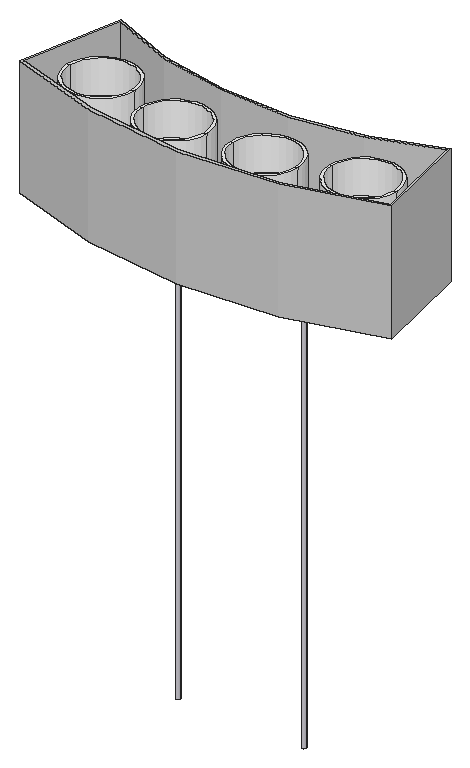
Revit family "Lighting-Pendant-Amerlux-C3M-PCM-A17-4 Light", category Lighting Fixtures, host Face, Revit 2015
Parameters
  Suspension Length [instance] = 2' - 0"
  Housing Length = 1' - 9 1/16"
  Voltage = 0 V
  URL = "http://www.amerlux.com"
  Trim [instance] = yes
  Rotation Angle = 90.00°
  Power Factor = 1
  Number of Poles = 1
  Model = "C3M-PCM-A17\r\n1LT LED\r\n1\r\n1LT LED"
  Manufacturer = "Amerlux"
  Housing Width = 0' - 5"
  Lamp = "LED"
  Fixture Finish = White
  Description = "Suspended Multiple 4 Light"
  Depth = 0' - 6 1/2"
  Default Elevation = 4' - 0"
  Apparent Load = 0 VA
Reference planes (in)
  plane 1 "Center (Front/Back)": y = 0
  plane 2: z = 0
  plane 3 "Center (Left/Right)": x = 0
  plane 4: z = 18.64986
  plane 5: z = -4.75
  plane 6: z = 24
  plane 7: z = 30.64986
  plane 8: x = -10.53125
  plane 9: x = 10.53125
  plane 10: z = 26.3856
Forms (in)
  Extrusion 1, solid, material "White Finish"
    sketch origin (-3.5625, 0, 0) x (1, 0, 0) y (0, 1, 0)
      loop
        circle (0, 0) r 0.12434
    from 0 to 24
  Extrusion 2, solid, material "White Finish"
    sketch origin (3.5, 0, 0) x (1, 0, 0) y (0, 1, 0)
      loop
        circle (0, 0) r 0.12434
    from 0 to 24
  Extrusion 3, solid, material "Natural Aluminum"
    sketch origin (0, 0, 0) x (1, 0, 0) y (0, 1, 0)
      loop
        arc (9.18296, 3.15967) -> (-0.06168, 1.04937) -> (-9.31444, 3.12373) r 21.48723
        line (-9.31444, 3.12373) -> (-10.49486, -2.42969)
        arc (-10.49486, -2.42969) -> (-0.06338, -4.49362) -> (10.36564, -2.41731) r 27.31139
        line (10.36564, -2.41731) -> (9.18296, 3.15967)
    from 24 to 30.64986
  Extrusion 4, void
    sketch origin (0, 0, 0) x (1, 0, 0) y (0, 1, 0)
      loop
        line (-9.21847, 2.97403) -> (-10.3468, -2.33435)
        arc (-10.3468, -2.33435) -> (-0.06339, -4.34921) -> (10.21762, -2.32209) r 27.16698
        line (10.21762, -2.32209) -> (9.08709, 3.00937)
        arc (9.08709, 3.00937) -> (-0.06176, 0.95474) -> (-9.21847, 2.97403) r 21.58187
    from 26.3856 to 30.64986
Cuts and joins
  Extrusion 4 cuts Extrusion 1
  Extrusion 4 cuts Extrusion 2
  Extrusion 4 cuts Extrusion 3
Dimensions and locks (in)
  "Suspension Length": plane 6 to level
  locked: plane 7 to plane 6 at 6.64986
  equal spacing: plane 8, plane 3 "Center (Left/Right)", plane 9
  "Housing Length": plane 8 to plane 9
  plane 7 to cut or joined group of Extrusion 3, Extrusion 4 to cut or joined group of Extrusion 3, Extrusion 4 = 0' - 4.26426" locked, 0' - 2.3856" locked
  locked: cut or joined group of Extrusion 3, Extrusion 4 to cut or joined group of Extrusion 3, Extrusion 4 at 4.26426
  aligned and locked: plane 2 to host face
  aligned and locked: level to host face
  aligned and locked: plane 7 to Extrusion 3
  aligned and locked: plane 7 to Extrusion 4
  aligned and locked: plane 6 to Extrusion 2
  aligned and locked: plane 6 to Extrusion 1
Automatic sketch dimensions
  host sketch curve to host sketch curve = 2' - 6.49556"
  host sketch curve to host sketch curve = 2' - 7.77944"
  plane 1 "Center (Front/Back)" to Extrusion 1 sketch curve = 0' - 0"
  Extrusion 1 sketch curve to plane 3 "Center (Left/Right)" = 0' - 3 9/16"
  plane 1 "Center (Front/Back)" to Extrusion 2 sketch curve = 0' - 0"
  plane 3 "Center (Left/Right)" to Extrusion 2 sketch curve = 0' - 3 1/2"
  Extrusion 3 sketch curve to plane 8 = 0' - 1.21681"
  Extrusion 3 sketch curve to plane 3 "Center (Left/Right)" = 0' - 0.10342"
  Extrusion 3 sketch curve to plane 1 "Center (Front/Back)" = 0' - 3.12373"
  Extrusion 3 sketch curve to Extrusion 3 sketch curve = 1' - 7.41284"
  Extrusion 3 sketch curve to plane 8 = 0' - 0.03639"
  plane 9 to Extrusion 3 sketch curve = 0' - 1.34829"
  plane 1 "Center (Front/Back)" to Extrusion 3 sketch curve = 0' - 2 55/128"
  Extrusion 3 sketch curve to plane 3 "Center (Left/Right)" = 0' - 0.07959"
  Extrusion 3 sketch curve to Extrusion 3 sketch curve = 0' - 0.2812"
  plane 9 to Extrusion 3 sketch curve = 0' - 0.16561"
  Extrusion 4 sketch curve to plane 8 = 0' - 1.31278"
  Extrusion 4 sketch curve to plane 3 "Center (Left/Right)" = 0' - 0.10342"
  Extrusion 4 sketch curve to plane 1 "Center (Front/Back)" = 0' - 2.97403"
  Extrusion 4 sketch curve to Extrusion 4 sketch curve = 1' - 7.56254"
  Extrusion 4 sketch curve to plane 8 = 0' - 0.18445"
  plane 9 to Extrusion 4 sketch curve = 0' - 1.44416"
  plane 1 "Center (Front/Back)" to Extrusion 4 sketch curve = 0' - 2.33435"
  Extrusion 4 sketch curve to plane 3 "Center (Left/Right)" = 0' - 0.07959"
  Extrusion 4 sketch curve to Extrusion 4 sketch curve = 0' - 0.2812"
  plane 9 to Extrusion 4 sketch curve = 0' - 0.31363"
  radius of Extrusion 1 sketch curve = 0' - 0.12434"
  radius of Extrusion 2 sketch curve = 0' - 0.12434"
Nested families (in)
  nested 1: "Lighting-Accent-Amerlux-Cylindrix III Mini C3MV" at (-8.37113, -2.55693, 26.3856), type "Lighting-Accent-Amerlux-Cylindrix III Mini C3MV"
    with Rotation Angle 90.00°, Light Source Angle 90.00°
  nested 2: "Lighting-Accent-Amerlux-Cylindrix III Mini C3MV" at (-3.50876, -3.54798, 26.3856), type "Lighting-Accent-Amerlux-Cylindrix III Mini C3MV"
    with Rotation Angle 90.00°, Light Source Angle 90.00°
  nested 3: "Lighting-Accent-Amerlux-Cylindrix III Mini C3MV" at (1.52879, -3.47354, 26.3856), type "Lighting-Accent-Amerlux-Cylindrix III Mini C3MV"
    with Rotation Angle 90.00°, Light Source Angle 90.00°
  nested 4: "Lighting-Accent-Amerlux-Cylindrix III Mini C3MV" at (6.22348, -2.40625, 26.3856), type "Lighting-Accent-Amerlux-Cylindrix III Mini C3MV"
    with Rotation Angle 90.00°, Light Source Angle 90.00°
Connectors (in)
  electrical at (-0.06514, 0.33174, 26.3856), driven by "Number of Poles", driven by "Voltage", driven by "Apparent Load"
    settings: on cut or joined group of Extrusion 3, Extrusion 4, index 1, voltage 0 V, apparent load 0 VA, apparent load phase1 0 VA, apparent load phase2 0 VA, apparent load phase3 0 VA, power factor 1, load classification "Other", number of poles 1, system type 31, power factor state 1, is connector primary yes, connector utility no, sub classification motor no, connector description ""
Definition of nested family "Lighting-Accent-Amerlux-Cylindrix III Mini C3MV"
  Parameters (values of type "Lighting-Accent-Amerlux-Cylindrix III Mini C3MV")
    Voltage = 0 V
    Rotation Angle [instance] = 90.00°
    Power Factor = 1
    Photometric Web File = ""
    Number of Poles = 1
    Material = none
    Light Source Angle [instance] = Rotation Angle  # 90.00°
    Lamp = "LED"
    Input Wattage = ""
    Wattage = 26 W
    built-in parameter 1150110 = 1 (stored number, unit not read)
    URL = "http://www.amerlux.com"
    built-in parameter 1114217 = 1 (stored number, unit not read)
    Tilt Angle = 90.00°
    built-in parameter 1150109 = 1 (stored number, unit not read)
    built-in parameter 1150134 = 12
    built-in parameter 1150113 = 1 (stored number, unit not read)
    Model = "Cylindrix III Mini"
    Manufacturer = "Amerlux"
    built-in parameter 1150105 = 206.9 (stored number, unit not read)
    Lumens = 2600 lm
    built-in parameter 1150115 = 1 (stored number, unit not read)
    built-in parameter 1150137 = (empty or 0)
    built-in parameter 1150139 = (empty or 0)
    built-in parameter 1150112 = 1 (stored number, unit not read)
    built-in parameter 1150114 = 1 (stored number, unit not read)
    Keynote = ""
    built-in parameter 1150132 = (empty or 0)
    built-in parameter 1150102 = (empty or 0)
    built-in parameter 1150107 = 4000 (stored number, unit not read)
    built-in parameter 1150138 = (empty or 0)
    built-in parameter 1150106 = 2.069 (stored number, unit not read)
    Finish = ""
    Emit from Circle Diameter = 0' - 3 1/4"
    Emit Shape Visible in Rendering = yes
    built-in parameter 1150104 = 9.2903 (stored number, unit not read)
    Dimming Lamp Color Temperature Shift = (empty or 0)
    Description = "Track Lighting"
    Default Elevation = 4' - 0"
    Color Filter = 16777215
    built-in parameter 1114218 = 1 (stored number, unit not read)
    built-in parameter 1150133 = 10 (stored number, unit not read)
    Assembly Code = ""
    Apparent Load = 0 VA
  Reference planes (in)
    plane 1 "Center (Front/Back)": y = 2.00423
    plane 2: z = 0
    plane 3 "Center (Left/Right)": x = 2.916
    plane 4: z = 5.5625
    plane 5: y = 3.00423
    plane 6: y = 1.00423
    plane 7: through (0, 3.00979, 3.84794) normal (0, 0.5736, 0.8192)
    plane 8: through (0, -1.77321, 2.57435) normal (0, -0.5736, -0.8192)
  Forms (in)
    Extrusion 1, solid
      sketch origin (0, -1.75, 0) x (1, 0, 0) y (0, 1, 0)
        loop
          line (-4.834, 9.47868) -> (-4.834, -2.91739) -> (7.17098, -2.91739) -> (7.17098, 9.47868) -> (-4.834, 9.47868)
      from 0 to -0.03652
  Dimensions and locks (in)
    equal spacing: plane 5, plane 1 "Center (Front/Back)", plane 6
    "Rotation Angle": angle level to nested 1
    "Light Source Angle": angle level to imposter light
    aligned and locked: plane 2 to Extrusion 1
    aligned and locked: level to Extrusion 1
    aligned: imposter light to plane 1 "Center (Front/Back)"
    aligned and locked: imposter light to nested 1
  Automatic sketch dimensions
    Extrusion 1 sketch curve to Extrusion 1 sketch curve = 1' - 0.00498"
    Extrusion 1 sketch curve to Extrusion 1 sketch curve = 1' - 0.39607"
  Nested families (in)
    nested 1: "Track Head" at (1.77159, 1.95428, 1.84844) x (0, -1, 0) z (-1, 0, 0), type "Track Head"
  Definition of nested family "Track Head"
    Parameters
      Width = 0' - 3 11/16"
      Material = none
      Default Elevation = 4' - 0"
      Assembly Code = ""
    Reference planes (in)
      plane 1 "Center (Front/Back)": y = 0
      plane 2: z = 0
      plane 3 "Center (Left/Right)": x = 0
      plane 4: z = 0.81682
      plane 5: z = 0.81682
      plane 6: y = 1.84375
      plane 7: y = -1.84375
      plane 8: z = 3.25
    Forms (in)
      Extrusion 1, solid
        sketch origin (0, 0, 0) x (1, 0, 0) y (0, 1, 0)
          loop
            line (-48, 48) -> (-48, -48) -> (48, -48) -> (48, 48) -> (-48, 48)
        from 0 to -0.80444
      Revolve 2, solid, material <- "Material"
        sketch origin (0, 0, -1.8125) x (0, 1, 0) y (0, 0, 1)
          loop
            line (-1.34375, 4.52266) -> (-1.84375, 4.23398) -> (-1.84375, 2.62932) -> (1.84375, 2.62932) -> (1.84375, 4.52266) -> (-1.34375, 4.52266)
          axis (-1.84375, 2.62932) -> (1.84375, 2.62932)
        angle from 0 to 360
      Revolve 3, void
        sketch origin (0, 0, -1.8125) x (0, 1, 0) y (0, 0, 1)
          loop
            line (1.84375, 2.62932) -> (1.84375, 4.37932) -> (0, 4.37932) -> (0, 2.62932) -> (1.84375, 2.62932)
          axis (0, 2.62932) -> (1.84375, 2.62932)
        angle from 0 to 360
    Cuts and joins
      Revolve 3 cuts Revolve 2
    Dimensions and locks (in)
      equal spacing: plane 6, plane 1 "Center (Front/Back)", plane 7
      "Width": plane 6 to plane 7
      radius of cut or joined group of Revolve 2, Revolve 3 = 0' - 1.89334"
      aligned and locked: plane 2 to Extrusion 1
      aligned and locked: level to Extrusion 1
      aligned and locked: Revolve 2 sketch curve to plane 4
      aligned and locked: Revolve 3 sketch curve to plane 5
      aligned and locked: plane 7 to Revolve 2 sketch curve
      aligned and locked: Revolve 2 sketch curve to plane 6
      aligned and locked: cut or joined group of Revolve 2, Revolve 3 to cut or joined group of Revolve 2, Revolve 3
      aligned and locked: plane 1 "Center (Front/Back)" to cut or joined group of Revolve 2, Revolve 3
    Automatic sketch dimensions
      Extrusion 1 sketch curve to Extrusion 1 sketch curve = 8' - 0"  (x2)
      Revolve 3 sketch curve to plane 5 = 0' - 0"
      Revolve 3 sketch curve to plane 1 "Center (Front/Back)" = 0' - 0"
      plane 6 to Revolve 3 sketch curve = 0' - 0"
      Revolve 3 sketch curve to Revolve 3 sketch curve = 0' - 1 3/4"
      plane 7 to Revolve 3 sketch curve = 0' - 0.4751"
      Revolve 3 sketch curve to plane 6 = 0' - 1.36838"
      Revolve 2 sketch curve to plane 4 = 0' - 0"
      Revolve 2 sketch curve to Revolve 2 sketch curve = 0' - 1.89334"
      plane 7 to Revolve 2 sketch curve = 0' - 5.73878"
      Revolve 2 sketch curve to plane 6 = 0' - 7.02134"
      Revolve 2 sketch curve to Revolve 2 sketch curve = 0' - 0.28868"
      Revolve 2 sketch curve to plane 7 = 0' - 0 1/2"
